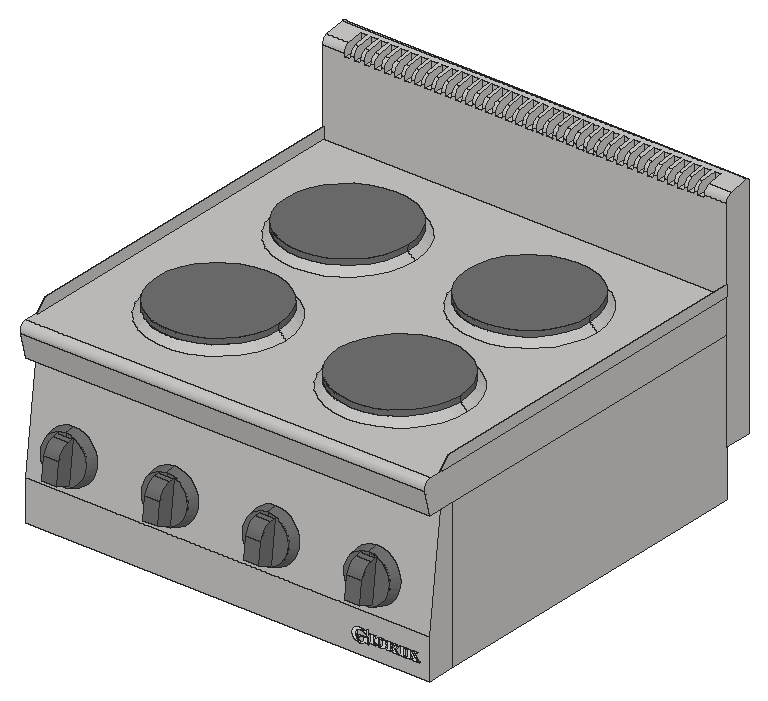
Revit family "QF_GIORIK_LPE6741", category Specialty Equipment, Revit 2014
Parameters (values of type "LPE6741")
  Weight in Pounds = 66.1386
  Watts = 8000 W
  Volts = 230 V
  URL Cutsheet = "www.giorik.com"
  URL = "www.giorik.com"
  Status [instance] = ""
  Specification by User [instance] = ""
  Specification by Manufacturer = ""
  Show Logo [instance] = yes
  Show Clearance [instance] = yes
  Serial Number = ""
  Seismic Rating = ""
  SMACNA No = ""
  Revision Code [instance] = ""
  Phase = 1
  Number of Poles [instance] = 1
  NAFEM Spec ID Number = ""
  Model = "LPE6741"
  Min Ckt Ampacity = 0 A
  Max Overcurrent Protection = 0 A
  Masterspec = ""
  Manufacturer = "GIORIK"
  Item Number [instance] = ""
  Installed By [instance] = ""
  Identify Quantity as Lot [instance] = no
  HP = "10.728160000000"
  Furnished By [instance] = ""
  Foodservice Equipment Identifier [instance] = yes
  FL Amps = 0 A
  Electrical Remarks [instance] = ""
  Electric Connection Type [instance] = ""
  Elec Conn RI Height [instance] = 0 mm
  Elec Conn Connection Height [instance] = 45 mm
  Description = "COOKING TOP 4 PLATES"
  Cycle = 50 Hz
  Conn Plug = ""
  CSI MasterFormat = ""
  Assembly Code = "E1090320"
  Apparent Power = 8000 VA
Reference planes
  plane 1 "Back": y = 0
  plane 2: z = 0
  plane 3 "Left": x = 0
  plane 4 "Right": x = 600
  plane 5 "Front": y = -600
  plane 6 "Top": z = 430
Forms (mm)
  Extrusion 1, solid
    sketch origin (0, 1000, -580) x (0, 1, 0) y (0, 0, 1)
      loop
        line (-1040.007, 869.975) -> (-1589.445, 869.975)
        arc (-1589.445, 869.975) -> (-1598.171, 865.672) -> (-1600.069, 856.13) r 10.999
        line (-1600.069, 856.13) -> (-1590.388, 820) -> (-1040.007, 820) -> (-1040.007, 869.975)
    from 0 to 600
  Extrusion 2, solid
    sketch origin (0, 0, -560) x (0, 1, 0) y (0, 0, 1)
      loop
        line (-570.06, 849.975) -> (-40.007, 849.975) -> (-40.007, 865.387) -> (-554.648, 865.387) -> (-570.06, 849.975)
    from 0 to 1.85
  Extrusion 3, solid
    sketch origin (0, 0, -560) x (0, 1, 0) y (0, 0, 1)
      loop
        line (-40.007, 800) -> (-550, 800) -> (-550, 580) -> (-40.007, 580) -> (-40.007, 800)
    from 0 to 600
  Extrusion 4, solid
    sketch origin (0, 0, -560) x (0, 1, 0) y (0, 0, 1)
      loop
        line (-550, 800) -> (-570.5, 800) -> (-590, 640) -> (-590, 580) -> (-550, 580) -> (-550, 800)
    from 0 to 600
  Extrusion 5, solid
    sketch origin (598.094, 0, -560) x (0, 1, 0) y (0, 0, 1)
      loop
        line (-570.06, 849.975) -> (-40.007, 849.975) -> (-40.007, 865.387) -> (-554.648, 865.387) -> (-570.06, 849.975)
    from -0.15 to 1.906
  Extrusion 6, solid
    sketch origin (0, 0, -560) x (0, 1, 0) y (0, 0, 1)
      loop
        line (-40.007, 974.217) -> (-40.007, 650.827) -> (0, 650.827) -> (0, 988.42)
        arc (0, 988.42) -> (-0.57, 989.648) -> (-1.878, 990) r 1.6
        line (-1.878, 990) -> (-31.072, 984.852)
        arc (-31.072, 984.852) -> (-37.477, 981.162) -> (-40.007, 974.217) r 10.797
    from 0 to 600
  Extrusion 7, solid
    sketch origin (568.319, 0, -561) x (1, 0, 0) y (0, 0, 1)
      loop
        circle (-38.319, 606) r 12.5
    from 20.007 to 40.007
  Extrusion 8, solid, visible <- "Show Logo"
    sketch origin (391.604, -590.5, -6.113) x (-1, 0, 0) y (0, 0, 1)
      loop
        line (-118.824, 58.358) -> (-127.804, 58.358) -> (-125.523, 56.445) -> (-125.523, 48.027) -> (-127.804, 46.113) -> (-118.824, 46.113) -> (-121.105, 48.027) -> (-121.105, 56.445) -> (-118.824, 58.358)
      loop
        line (-163.721, 58.358) -> (-172.7, 58.358) -> (-170.42, 56.445) -> (-170.42, 48.027) -> (-172.7, 46.113) -> (-163.721, 46.113) -> (-166.001, 48.027) -> (-166.001, 56.445) -> (-163.721, 58.358)
      loop
        line (-174.332, 58.358) -> (-183.312, 58.358) -> (-181.031, 56.445) -> (-181.031, 52.435) -> (-186.419, 56.955) -> (-184.416, 58.358) -> (-191.268, 58.358) -> (-188.01, 56.839) -> (-185.455, 54.283) -> (-190.846, 47.858) -> (-193.396, 46.93) -> (-193.396, 46.113) -> (-184.416, 46.113) -> (-185.437, 47.571) -> (-182.443, 51.552) -> (-181.031, 50.894) -> (-181.031, 48.027) -> (-183.312, 46.113) -> (-174.332, 46.113) -> (-176.613, 48.027) -> (-176.613, 56.445) -> (-174.332, 58.358)
      loop
        line (-115.429, 62.063) -> (-115.429, 54.198)
        arc (-115.429, 54.198) -> (-111.618, 57.803) -> (-106.847, 59.986) r 16.039
        arc (-106.847, 59.986) -> (-103.314, 59.837) -> (-100.512, 57.68) r 5.851
        arc (-100.512, 57.68) -> (-98.815, 52.267) -> (-100.512, 46.853) r 9.479
        arc (-100.512, 46.853) -> (-102.406, 44.986) -> (-104.846, 43.93) r 7.236
        arc (-104.846, 43.93) -> (-107.728, 44.111) -> (-110.052, 45.825) r 5.11
        line (-110.052, 45.825) -> (-110.052, 52.001) -> (-116.141, 52.001) -> (-116.141, 45.503) -> (-117.893, 43.751) -> (-114.094, 44.769)
        arc (-114.094, 44.769) -> (-112.56, 44.947) -> (-111.129, 44.366) r 3.115
        arc (-111.129, 44.366) -> (-104.216, 42.091) -> (-97.303, 44.366) r 11.641
        arc (-97.303, 44.366) -> (-93.396, 52.107) -> (-97.303, 59.849) r 9.622
        arc (-97.303, 59.849) -> (-104.369, 62.174) -> (-111.435, 59.849) r 11.898
        line (-111.435, 59.849) -> (-115.429, 62.063)
      loop
        arc (-129.234, 56.068) -> (-135.893, 58.628) -> (-142.552, 56.068) r 9.941
        arc (-142.552, 56.068) -> (-144.234, 52.286) -> (-142.552, 48.505) r 5.093
        arc (-142.552, 48.505) -> (-135.893, 45.945) -> (-129.234, 48.505) r 9.941
        arc (-129.234, 48.505) -> (-127.552, 52.286) -> (-129.234, 56.068) r 5.093
      loop
        arc (-132.628, 54.403) -> (-135.893, 57.668) -> (-139.158, 54.403) r 3.265
        line (-139.158, 54.403) -> (-139.158, 50.169)
        arc (-139.158, 50.169) -> (-135.893, 46.904) -> (-132.628, 50.169) r 3.265
        line (-132.628, 50.169) -> (-132.628, 54.403)
      loop
        arc (-156.363, 58.365) -> (-159.647, 55.081) -> (-156.363, 51.796) r 3.285
        line (-156.363, 51.796) -> (-159.529, 47.306) -> (-162.087, 46.113) -> (-155.847, 46.113) -> (-153.529, 51.083) -> (-150.637, 51.083) -> (-150.637, 47.784) -> (-153.022, 46.113) -> (-144.011, 46.113) -> (-146.094, 47.68) -> (-146.094, 56.493) -> (-144.229, 58.365) -> (-156.363, 58.365)
      loop
        line (-150.637, 57.512) -> (-153.637, 57.512)
        arc (-153.637, 57.512) -> (-156.237, 54.912) -> (-153.637, 52.312) r 2.6
        line (-153.637, 52.312) -> (-150.637, 52.312) -> (-150.637, 57.512)
      loop
        line (-108.924, 52.001) -> (-104.936, 49.005) -> (-100.948, 52.001) -> (-108.924, 52.001)
    from 1.5 to -0.5
  Extrusion 9, void
    sketch origin (17.5, 0, 430) x (0, 1, 0) y (-1, 0, 0)
      loop
        line (-40.007, -25) -> (-9.931, -25) -> (-9.931, -15) -> (-40.007, -15) -> (-40.007, -25)
      loop
        line (-40.007, -40) -> (-9.931, -40) -> (-9.931, -30) -> (-40.007, -30) -> (-40.007, -40)
      loop
        line (-40.007, -55) -> (-9.931, -55) -> (-9.931, -45) -> (-40.007, -45) -> (-40.007, -55)
      loop
        line (-40.007, -70) -> (-9.931, -70) -> (-9.931, -60) -> (-40.007, -60) -> (-40.007, -70)
      loop
        line (-40.007, -85) -> (-9.931, -85) -> (-9.931, -75) -> (-40.007, -75) -> (-40.007, -85)
      loop
        line (-40.007, -100) -> (-9.931, -100) -> (-9.931, -90) -> (-40.007, -90) -> (-40.007, -100)
      loop
        line (-40.007, -115) -> (-9.931, -115) -> (-9.931, -105) -> (-40.007, -105) -> (-40.007, -115)
      loop
        line (-40.007, -130) -> (-9.931, -130) -> (-9.931, -120) -> (-40.007, -120) -> (-40.007, -130)
      loop
        line (-40.007, -145) -> (-9.931, -145) -> (-9.931, -135) -> (-40.007, -135) -> (-40.007, -145)
      loop
        line (-40.007, -160) -> (-9.931, -160) -> (-9.931, -150) -> (-40.007, -150) -> (-40.007, -160)
      loop
        line (-40.007, -175) -> (-9.931, -175) -> (-9.931, -165) -> (-40.007, -165) -> (-40.007, -175)
      loop
        line (-40.007, -190) -> (-9.931, -190) -> (-9.931, -180) -> (-40.007, -180) -> (-40.007, -190)
      loop
        line (-40.007, -205) -> (-9.931, -205) -> (-9.931, -195) -> (-40.007, -195) -> (-40.007, -205)
      loop
        line (-40.007, -220) -> (-9.931, -220) -> (-9.931, -210) -> (-40.007, -210) -> (-40.007, -220)
      loop
        line (-40.007, -235) -> (-9.931, -235) -> (-9.931, -225) -> (-40.007, -225) -> (-40.007, -235)
      loop
        line (-40.007, -250) -> (-9.931, -250) -> (-9.931, -240) -> (-40.007, -240) -> (-40.007, -250)
      loop
        line (-40.007, -265) -> (-9.931, -265) -> (-9.931, -255) -> (-40.007, -255) -> (-40.007, -265)
      loop
        line (-40.007, -280) -> (-9.931, -280) -> (-9.931, -270) -> (-40.007, -270) -> (-40.007, -280)
      loop
        line (-40.007, -295) -> (-9.931, -295) -> (-9.931, -285) -> (-40.007, -285) -> (-40.007, -295)
      loop
        line (-40.007, -310) -> (-9.931, -310) -> (-9.931, -300) -> (-40.007, -300) -> (-40.007, -310)
      loop
        line (-40.007, -325) -> (-9.931, -325) -> (-9.931, -315) -> (-40.007, -315) -> (-40.007, -325)
      loop
        line (-40.007, -340) -> (-9.931, -340) -> (-9.931, -330) -> (-40.007, -330) -> (-40.007, -340)
      loop
        line (-40.007, -355) -> (-9.931, -355) -> (-9.931, -345) -> (-40.007, -345) -> (-40.007, -355)
      loop
        line (-40.007, -370) -> (-9.931, -370) -> (-9.931, -360) -> (-40.007, -360) -> (-40.007, -370)
      loop
        line (-40.007, -385) -> (-9.931, -385) -> (-9.931, -375) -> (-40.007, -375) -> (-40.007, -385)
      loop
        line (-40.007, -400) -> (-9.931, -400) -> (-9.931, -390) -> (-40.007, -390) -> (-40.007, -400)
      loop
        line (-40.007, -415) -> (-9.931, -415) -> (-9.931, -405) -> (-40.007, -405) -> (-40.007, -415)
      loop
        line (-40.007, -430) -> (-9.931, -430) -> (-9.931, -420) -> (-40.007, -420) -> (-40.007, -430)
      loop
        line (-40.007, -445) -> (-9.931, -445) -> (-9.931, -435) -> (-40.007, -435) -> (-40.007, -445)
      loop
        line (-40.007, -460) -> (-9.931, -460) -> (-9.931, -450) -> (-40.007, -450) -> (-40.007, -460)
      loop
        line (-40.007, -475) -> (-9.931, -475) -> (-9.931, -465) -> (-40.007, -465) -> (-40.007, -475)
      loop
        line (-40.007, -490) -> (-9.931, -490) -> (-9.931, -480) -> (-40.007, -480) -> (-40.007, -490)
      loop
        line (-40.007, -505) -> (-9.931, -505) -> (-9.931, -495) -> (-40.007, -495) -> (-40.007, -505)
      loop
        line (-40.007, -520) -> (-9.931, -520) -> (-9.931, -510) -> (-40.007, -510) -> (-40.007, -520)
      loop
        line (-40.007, -535) -> (-9.931, -535) -> (-9.931, -525) -> (-40.007, -525) -> (-40.007, -535)
      loop
        line (-40.007, -550) -> (-9.931, -550) -> (-9.931, -540) -> (-40.007, -540) -> (-40.007, -550)
    from 0 to -20
  Extrusion 10, solid
    sketch origin (566.603, 15.293, -30) x (0, 1, 0) y (-1, 0, 0)
      loop
        circle (-79.293, 516.603) r 5
    from 41.965 to 50
  Revolve 11, solid
    sketch origin (50, 19.943, -600) x (0, 1, 0) y (0, 0, 1)
      loop
        line (-83.943, 611.965) -> (-94.752, 611.965) -> (-97.943, 600) -> (-83.943, 600) -> (-83.943, 611.965)
      axis (-83.943, 611.965) -> (-83.943, 600)
    angle from 0 to 360
  Extrusion 12, solid
    sketch origin (33.397, 15.293, -30) x (0, 1, 0) y (-1, 0, 0)
      loop
        circle (-79.293, -516.603) r 5
    from 41.965 to 50
  Revolve 13, solid
    sketch origin (550, 19.943, -600) x (0, 1, 0) y (0, 0, -1)
      loop
        line (-83.943, -611.965) -> (-83.943, -600) -> (-97.943, -600) -> (-94.752, -611.965) -> (-83.943, -611.965)
      axis (-83.943, -611.965) -> (-83.943, -600)
    angle from 0 to 360
  Extrusion 14, solid
    sketch origin (566.603, -459.707, -30) x (0, 1, 0) y (-1, 0, 0)
      loop
        circle (-79.293, 516.603) r 5
    from 41.965 to 50
  Revolve 15, solid
    sketch origin (50, -455.057, -600) x (0, 1, 0) y (0, 0, 1)
      loop
        line (-83.943, 611.965) -> (-94.752, 611.965) -> (-97.943, 600) -> (-83.943, 600) -> (-83.943, 611.965)
      axis (-83.943, 611.965) -> (-83.943, 600)
    angle from 0 to 360
  Extrusion 16, solid
    sketch origin (33.397, -459.707, -30) x (0, 1, 0) y (-1, 0, 0)
      loop
        circle (-79.293, -516.603) r 5
    from 41.965 to 50
  Revolve 17, solid
    sketch origin (550, -455.057, -600) x (0, 1, 0) y (0, 0, -1)
      loop
        line (-83.943, -611.965) -> (-83.943, -600) -> (-97.943, -600) -> (-94.752, -611.965) -> (-83.943, -611.965)
      axis (-83.943, -611.965) -> (-83.943, -600)
    angle from 0 to 360
  Extrusion 18, solid
    sketch origin (-24.999, 31.516, 284.975) x (0, 1, 0) y (-1, 0, 0)
      loop
        circle (-231.5, -189.999) r 90
    from 23 to 15
  Blend 19, solid
    base sketch origin (719.361, -790.989, 289.975) x (0, 1, 0) y (-1, 0, 0)
      loop
        circle (591.004, 554.361) r 100
    top sketch origin (719.361, -790.989, 319.988) x (0, 1, 0) y (-1, 0, 0)
      loop
        circle (591.004, 554.361) r 90
    from 0 to -20.012
  Extrusion 20, solid
    sketch origin (-24.999, -671.522, 284.975) x (0, -1, 0) y (1, 0, 0)
      loop
        circle (-231.5, 189.999) r 90
    from 23 to 15
  Blend 21, solid
    base sketch origin (719.361, 150.982, 289.975) x (0, -1, 0) y (1, 0, 0)
      loop
        circle (591.004, -554.361) r 100
    top sketch origin (719.361, 150.982, 319.988) x (0, -1, 0) y (1, 0, 0)
      loop
        circle (591.004, -554.361) r 90
    from 0 to -20.012
  Revolve 22, solid
    sketch origin (75.155, -0.544, -560.03) x (0, 1, 0) y (0, 0, 1)
      loop
        line (-598.03, 706.389) -> (-594.27, 737.013) -> (-609.648, 734.852) -> (-613.772, 701.269) -> (-581.482, 697.305) -> (-580.629, 704.252) -> (-598.03, 706.389)
      axis (-581.482, 697.305) -> (-613.772, 701.269)
    angle from 0 to 360
  Extrusion 23, solid
    sketch origin (-87.831, -0.544, -560.03) x (0, 1, 0) y (0, 0, 1)
      loop
        line (-635.843, 711.553) -> (-639.647, 680.575) -> (-617.415, 671.593) -> (-610.135, 730.882) -> (-617.934, 729.786)
        arc (-617.934, 729.786) -> (-629.982, 723.708) -> (-635.843, 711.553) r 20.998
    from 151.831 to 173.831
  Revolve 24, solid
    sketch origin (225.155, -0.544, -560.03) x (0, 1, 0) y (0, 0, 1)
      loop
        line (-598.03, 706.389) -> (-594.27, 737.013) -> (-609.648, 734.852) -> (-613.772, 701.269) -> (-581.482, 697.305) -> (-580.629, 704.252) -> (-598.03, 706.389)
      axis (-581.482, 697.305) -> (-613.772, 701.269)
    angle from 0 to 360
  Extrusion 25, solid
    sketch origin (62.169, -0.544, -560.03) x (0, 1, 0) y (0, 0, 1)
      loop
        line (-635.843, 711.553) -> (-639.647, 680.575) -> (-617.415, 671.593) -> (-610.135, 730.882) -> (-617.934, 729.786)
        arc (-617.934, 729.786) -> (-629.982, 723.708) -> (-635.843, 711.553) r 20.998
    from 151.831 to 173.831
  Revolve 26, solid
    sketch origin (375.155, -0.544, -560.03) x (0, 1, 0) y (0, 0, 1)
      loop
        line (-598.03, 706.389) -> (-594.27, 737.013) -> (-609.648, 734.852) -> (-613.772, 701.269) -> (-581.482, 697.305) -> (-580.629, 704.252) -> (-598.03, 706.389)
      axis (-581.482, 697.305) -> (-613.772, 701.269)
    angle from 0 to 360
  Extrusion 27, solid
    sketch origin (212.169, -0.544, -560.03) x (0, 1, 0) y (0, 0, 1)
      loop
        line (-635.843, 711.553) -> (-639.647, 680.575) -> (-617.415, 671.593) -> (-610.135, 730.882) -> (-617.934, 729.786)
        arc (-617.934, 729.786) -> (-629.982, 723.708) -> (-635.843, 711.553) r 20.998
    from 151.831 to 173.831
  Revolve 28, solid
    sketch origin (525.155, -0.544, -560.03) x (0, 1, 0) y (0, 0, 1)
      loop
        line (-598.03, 706.389) -> (-594.27, 737.013) -> (-609.648, 734.852) -> (-613.772, 701.269) -> (-581.482, 697.305) -> (-580.629, 704.252) -> (-598.03, 706.389)
      axis (-581.482, 697.305) -> (-613.772, 701.269)
    angle from 0 to 360
  Extrusion 29, solid
    sketch origin (362.169, -0.544, -560.03) x (0, 1, 0) y (0, 0, 1)
      loop
        line (-635.843, 711.553) -> (-639.647, 680.575) -> (-617.415, 671.593) -> (-610.135, 730.882) -> (-617.934, 729.786)
        arc (-617.934, 729.786) -> (-629.982, 723.708) -> (-635.843, 711.553) r 20.998
    from 151.831 to 173.831
  Extrusion 30, solid
    sketch origin (245.001, 31.516, 284.975) x (0, 1, 0) y (-1, 0, 0)
      loop
        circle (-231.5, -189.999) r 90
    from 23 to 15
  Blend 31, solid
    base sketch origin (989.361, -790.989, 289.975) x (0, 1, 0) y (-1, 0, 0)
      loop
        circle (591.004, 554.361) r 100
    top sketch origin (989.361, -790.989, 319.988) x (0, 1, 0) y (-1, 0, 0)
      loop
        circle (591.004, 554.361) r 90
    from 0 to -20.012
  Extrusion 32, solid
    sketch origin (245.001, -671.522, 284.975) x (0, -1, 0) y (1, 0, 0)
      loop
        circle (-231.5, 189.999) r 90
    from 23 to 15
  Blend 33, solid
    base sketch origin (989.361, 150.982, 289.975) x (0, -1, 0) y (1, 0, 0)
      loop
        circle (591.004, -554.361) r 100
    top sketch origin (989.361, 150.982, 319.988) x (0, -1, 0) y (1, 0, 0)
      loop
        circle (591.004, -554.361) r 90
    from 0 to -20.012
Cuts and joins
  Extrusion 9 cuts Extrusion 6
Lines and regions (mm)
  symbolic lines, style "200-EquipBorder-2D"
    curve 1: line (600, 0, 0) -> (0, 0, 0)
    curve 2: line (0, 0, 0) -> (0, -600, 0)
    curve 79: line (600, -600, 430) -> (600, 0, 430)
    curve 125: line (600, -600, 430) -> (0, -600, 430)
    curve 126: spline (64, -618.202, 990) -> (60.789, -618.041, 990) -> (57.73, -617.841, 990) -> (54.856, -617.604, 990) -> (52.196, -617.332, 990) -> (49.779, -617.028, 990) -> (47.63, -616.696, 990) -> (45.772, -616.338, 990) -> (44.225, -615.96, 990) -> (43.004, -615.563, 990) -> (42.122, -615.154, 990) -> (41.59, -614.736, 990) -> (41.412, -614.313, 990)
    curve 127: spline (109.073, -614.408, 990) -> (108.819, -614.826, 990) -> (108.218, -615.239, 990) -> (107.275, -615.643, 990) -> (106.001, -616.033, 990) -> (104.408, -616.405, 990) -> (102.513, -616.755, 990) -> (100.336, -617.08, 990) -> (97.898, -617.376, 990) -> (95.227, -617.641, 990) -> (92.348, -617.871, 990) -> (89.293, -618.065, 990) -> (86.091, -618.219, 990)
    curve 128: line (41.412, -614.313, 990) -> (37.459, -600, 990)
    curve 129: line (109.073, -614.408, 990) -> (112.839, -600, 990)
    curve 130: line (64, -640.19, 430) -> (64, -610.679, 430)
    curve 131: line (64, -640.19, 430) -> (86, -640.19, 430)
    curve 132: line (86, -640.19, 430) -> (86, -610.679, 430)
    curve 133: spline (41.412, -614.313, 430) -> (42.564, -613.264, 430) -> (45.941, -612.286, 430) -> (51.314, -611.446, 430) -> (58.316, -610.802, 430) -> (66.47, -610.396, 430) -> (75.22, -610.258, 430) -> (83.97, -610.396, 430) -> (92.124, -610.802, 430) -> (99.126, -611.446, 430) -> (104.499, -612.286, 430) -> (107.877, -613.264, 430) -> (109.029, -614.313, 430)
    curve 134: line (64, -610.679, 430) -> (86, -610.679, 430)
    curve 135: spline (214, -618.202, 990) -> (210.789, -618.041, 990) -> (207.73, -617.841, 990) -> (204.856, -617.604, 990) -> (202.196, -617.332, 990) -> (199.779, -617.028, 990) -> (197.63, -616.696, 990) -> (195.772, -616.338, 990) -> (194.225, -615.96, 990) -> (193.004, -615.563, 990) -> (192.122, -615.154, 990) -> (191.59, -614.736, 990) -> (191.412, -614.313, 990)
    curve 136: spline (259.073, -614.408, 990) -> (258.819, -614.826, 990) -> (258.218, -615.239, 990) -> (257.275, -615.643, 990) -> (256.001, -616.033, 990) -> (254.408, -616.405, 990) -> (252.513, -616.755, 990) -> (250.336, -617.08, 990) -> (247.898, -617.376, 990) -> (245.227, -617.641, 990) -> (242.348, -617.871, 990) -> (239.293, -618.065, 990) -> (236.091, -618.219, 990)
    curve 137: line (191.412, -614.313, 990) -> (187.459, -600, 990)
    curve 138: line (259.073, -614.408, 990) -> (262.839, -600, 990)
    curve 139: line (214, -640.19, 430) -> (214, -610.679, 430)
    curve 140: line (214, -640.19, 430) -> (236, -640.19, 430)
    curve 141: line (236, -640.19, 430) -> (236, -610.679, 430)
    curve 142: spline (191.412, -614.313, 430) -> (192.564, -613.264, 430) -> (195.941, -612.286, 430) -> (201.314, -611.446, 430) -> (208.316, -610.802, 430) -> (216.47, -610.396, 430) -> (225.22, -610.258, 430) -> (233.97, -610.396, 430) -> (242.124, -610.802, 430) -> (249.126, -611.446, 430) -> (254.499, -612.286, 430) -> (257.877, -613.264, 430) -> (259.029, -614.313, 430)
    curve 143: line (214, -610.679, 430) -> (236, -610.679, 430)
    curve 144: spline (364, -618.202, 990) -> (360.789, -618.041, 990) -> (357.73, -617.841, 990) -> (354.856, -617.604, 990) -> (352.196, -617.332, 990) -> (349.779, -617.028, 990) -> (347.63, -616.696, 990) -> (345.772, -616.338, 990) -> (344.225, -615.96, 990) -> (343.004, -615.563, 990) -> (342.122, -615.154, 990) -> (341.59, -614.736, 990) -> (341.412, -614.313, 990)
    curve 145: spline (409.073, -614.408, 990) -> (408.819, -614.826, 990) -> (408.218, -615.239, 990) -> (407.275, -615.643, 990) -> (406.001, -616.033, 990) -> (404.408, -616.405, 990) -> (402.513, -616.755, 990) -> (400.336, -617.08, 990) -> (397.898, -617.376, 990) -> (395.227, -617.641, 990) -> (392.348, -617.871, 990) -> (389.293, -618.065, 990) -> (386.091, -618.219, 990)
    curve 146: line (341.412, -614.313, 990) -> (337.459, -600, 990)
    curve 147: line (409.073, -614.408, 990) -> (412.839, -600, 990)
    curve 148: line (364, -640.19, 430) -> (364, -610.679, 430)
    curve 149: line (364, -640.19, 430) -> (386, -640.19, 430)
    curve 150: line (386, -640.19, 430) -> (386, -610.679, 430)
    curve 151: spline (341.412, -614.313, 430) -> (342.564, -613.264, 430) -> (345.941, -612.286, 430) -> (351.314, -611.446, 430) -> (358.316, -610.802, 430) -> (366.47, -610.396, 430) -> (375.22, -610.258, 430) -> (383.97, -610.396, 430) -> (392.124, -610.802, 430) -> (399.126, -611.446, 430) -> (404.499, -612.286, 430) -> (407.877, -613.264, 430) -> (409.029, -614.313, 430)
    curve 152: line (364, -610.679, 430) -> (386, -610.679, 430)
    curve 153: spline (514, -618.202, 990) -> (510.789, -618.041, 990) -> (507.73, -617.841, 990) -> (504.856, -617.604, 990) -> (502.196, -617.332, 990) -> (499.779, -617.028, 990) -> (497.63, -616.696, 990) -> (495.772, -616.338, 990) -> (494.225, -615.96, 990) -> (493.004, -615.563, 990) -> (492.122, -615.154, 990) -> (491.59, -614.736, 990) -> (491.412, -614.313, 990)
    curve 154: spline (559.073, -614.408, 990) -> (558.819, -614.826, 990) -> (558.218, -615.239, 990) -> (557.275, -615.643, 990) -> (556.001, -616.033, 990) -> (554.408, -616.405, 990) -> (552.513, -616.755, 990) -> (550.336, -617.08, 990) -> (547.898, -617.376, 990) -> (545.227, -617.641, 990) -> (542.348, -617.871, 990) -> (539.293, -618.065, 990) -> (536.091, -618.219, 990)
    curve 155: line (491.412, -614.313, 990) -> (487.459, -600, 990)
    curve 156: line (559.073, -614.408, 990) -> (562.839, -600, 990)
    curve 157: line (514, -640.19, 430) -> (514, -610.679, 430)
    curve 158: line (514, -640.19, 430) -> (536, -640.19, 430)
    curve 159: line (536, -640.19, 430) -> (536, -610.679, 430)
    curve 160: spline (491.412, -614.313, 430) -> (492.564, -613.264, 430) -> (495.941, -612.286, 430) -> (501.314, -611.446, 430) -> (508.316, -610.802, 430) -> (516.47, -610.396, 430) -> (525.22, -610.258, 430) -> (533.97, -610.396, 430) -> (542.124, -610.802, 430) -> (549.126, -611.446, 430) -> (554.499, -612.286, 430) -> (557.877, -613.264, 430) -> (559.029, -614.313, 430)
    curve 161: line (514, -610.679, 430) -> (536, -610.679, 430)
  symbolic lines, style "200-EquipInternal-2D"
    curve 3: line (600, -40.007, 430) -> (0, -40.007, 430)
    curve 4: line (597.944, -570.06, 430) -> (600, -570.06, 430)
    curve 5: line (597.944, -40.007, 430) -> (597.944, -570.06, 430)
    curve 6: line (0, -570.06, 430) -> (1.85, -570.06, 430)
    curve 7: line (1.85, -570.06, 430) -> (1.85, -40.007, 430)
    curve 8: line (32.5, -9.931, 290) -> (32.5, -40.007, 290)
    curve 9: line (42.5, -40.007, 290) -> (42.5, -9.931, 290)
    curve 10: line (47.5, -9.931, 290) -> (47.5, -40.007, 290)
    curve 11: line (57.5, -40.007, 290) -> (57.5, -9.931, 290)
    curve 12: line (62.5, -9.931, 290) -> (62.5, -40.007, 290)
    curve 13: line (72.5, -40.007, 290) -> (72.5, -9.931, 290)
    curve 14: line (92.5, -9.931, 290) -> (92.5, -40.007, 290)
    curve 15: line (102.5, -40.007, 290) -> (102.5, -9.931, 290)
    curve 16: line (107.5, -9.931, 290) -> (107.5, -40.007, 290)
    curve 17: line (117.5, -40.007, 290) -> (117.5, -9.931, 290)
    curve 18: line (147.5, -40.007, 290) -> (147.5, -9.931, 290)
    curve 19: line (137.5, -9.931, 290) -> (137.5, -40.007, 290)
    curve 20: line (162.5, -40.007, 290) -> (162.5, -9.931, 290)
    curve 21: line (167.5, -9.931, 290) -> (167.5, -40.007, 290)
    curve 22: line (177.5, -40.007, 290) -> (177.5, -9.931, 290)
    curve 23: line (152.5, -9.931, 290) -> (152.5, -40.007, 290)
    curve 24: line (207.5, -40.007, 290) -> (207.5, -9.931, 290)
    curve 25: line (197.5, -9.931, 290) -> (197.5, -40.007, 290)
    curve 26: line (212.5, -9.931, 290) -> (212.5, -40.007, 290)
    curve 27: line (222.5, -40.007, 290) -> (222.5, -9.931, 290)
    curve 28: line (227.5, -9.931, 290) -> (227.5, -40.007, 290)
    curve 29: line (237.5, -40.007, 290) -> (237.5, -9.931, 290)
    curve 30: line (257.5, -9.931, 290) -> (257.5, -40.007, 290)
    curve 31: line (267.5, -40.007, 290) -> (267.5, -9.931, 290)
    curve 32: line (272.5, -9.931, 290) -> (272.5, -40.007, 290)
    curve 33: line (282.5, -40.007, 290) -> (282.5, -9.931, 290)
    curve 34: line (287.5, -9.931, 290) -> (287.5, -40.007, 290)
    curve 35: line (297.5, -40.007, 290) -> (297.5, -9.931, 290)
    curve 36: line (327.5, -40.007, 290) -> (327.5, -9.931, 290)
    curve 37: line (317.5, -9.931, 290) -> (317.5, -40.007, 290)
    curve 38: line (342.5, -40.007, 290) -> (342.5, -9.931, 290)
    curve 39: line (332.5, -9.931, 290) -> (332.5, -40.007, 290)
    curve 40: line (347.5, -9.931, 290) -> (347.5, -40.007, 290)
    curve 41: line (357.5, -40.007, 290) -> (357.5, -9.931, 290)
    curve 42: line (377.5, -9.931, 290) -> (377.5, -40.007, 290)
    curve 43: line (387.5, -9.931, 290) -> (377.5, -9.931, 290)
    curve 44: line (357.5, -9.931, 290) -> (347.5, -9.931, 290)
    curve 45: line (342.5, -9.931, 290) -> (332.5, -9.931, 290)
    curve 46: line (327.5, -9.931, 290) -> (317.5, -9.931, 290)
    curve 47: line (282.5, -9.931, 290) -> (272.5, -9.931, 290)
    curve 48: line (117.5, -9.931, 290) -> (107.5, -9.931, 290)
    curve 49: line (102.5, -9.931, 290) -> (92.5, -9.931, 290)
    curve 50: line (72.5, -9.931, 290) -> (62.5, -9.931, 290)
    curve 51: line (42.5, -9.931, 290) -> (32.5, -9.931, 290)
    curve 52: line (147.5, -9.931, 290) -> (137.5, -9.931, 290)
    curve 53: line (162.5, -9.931, 290) -> (152.5, -9.931, 290)
    curve 54: line (177.5, -9.931, 290) -> (167.5, -9.931, 290)
    curve 55: line (207.5, -9.931, 290) -> (197.5, -9.931, 290)
    curve 56: line (222.5, -9.931, 290) -> (212.5, -9.931, 290)
    curve 57: line (237.5, -9.931, 290) -> (227.5, -9.931, 290)
    curve 58: line (267.5, -9.931, 290) -> (257.5, -9.931, 290)
    curve 59: line (57.5, -9.931, 290) -> (47.5, -9.931, 290)
    curve 60: line (77.5, -9.931, 430) -> (77.5, -40.007, 430)
    curve 61: line (87.5, -40.007, 430) -> (87.5, -9.931, 430)
    curve 62: line (87.5, -9.931, 430) -> (77.5, -9.931, 430)
    curve 63: line (122.5, -9.931, 430) -> (122.5, -40.007, 430)
    curve 64: line (132.5, -40.007, 430) -> (132.5, -9.931, 430)
    curve 65: line (132.5, -9.931, 430) -> (122.5, -9.931, 430)
    curve 66: line (182.5, -9.931, 430) -> (182.5, -40.007, 430)
    curve 67: line (192.5, -40.007, 430) -> (192.5, -9.931, 430)
    curve 68: line (192.5, -9.931, 430) -> (182.5, -9.931, 430)
    curve 69: line (242.5, -9.931, 430) -> (242.5, -40.007, 430)
    curve 70: line (252.5, -40.007, 430) -> (252.5, -9.931, 430)
    curve 71: line (252.5, -9.931, 430) -> (242.5, -9.931, 430)
    curve 72: line (297.5, -9.931, 430) -> (287.5, -9.931, 430)
    curve 73: line (312.5, -9.931, 430) -> (302.5, -9.931, 430)
    curve 74: line (302.5, -9.931, 430) -> (302.5, -40.007, 430)
    curve 75: line (312.5, -40.007, 430) -> (312.5, -9.931, 430)
    curve 76: line (362.5, -9.931, 430) -> (362.5, -40.007, 430)
    curve 77: line (372.5, -40.007, 430) -> (372.5, -9.931, 430)
    curve 78: line (372.5, -9.931, 430) -> (362.5, -9.931, 430)
    curve 80: circle (165, -199.984, 290) r 90 normal (0, 0, 1)
    curve 81: circle (165, -199.984, 290) r 100 normal (0, 0, 1)
    curve 82: circle (165, -440.022, 290) r 90 normal (0, 0, 1)
    curve 83: circle (165, -440.022, 290) r 100 normal (0, 0, 1)
    curve 84: circle (435, -199.984, 290) r 90 normal (0, 0, 1)
    curve 85: circle (435, -199.984, 290) r 100 normal (0, 0, 1)
    curve 86: circle (435, -440.022, 290) r 90 normal (0, 0, 1)
    curve 87: circle (435, -440.022, 290) r 100 normal (0, 0, 1)
    curve 88: line (387.5, -40.007, 430) -> (387.5, -9.931, 430)
    curve 89: line (392.5, -9.931, 430) -> (392.5, -40.007, 430)
    curve 90: line (402.5, -40.007, 430) -> (402.5, -9.931, 430)
    curve 91: line (402.5, -9.931, 430) -> (392.5, -9.931, 430)
    curve 92: line (407.5, -9.931, 430) -> (407.5, -40.007, 430)
    curve 93: line (417.5, -9.931, 430) -> (407.5, -9.931, 430)
    curve 94: line (417.5, -40.007, 430) -> (417.5, -9.931, 430)
    curve 95: line (422.5, -9.931, 430) -> (422.5, -40.007, 430)
    curve 96: line (432.5, -9.931, 430) -> (422.5, -9.931, 430)
    curve 97: line (432.5, -40.007, 430) -> (432.5, -9.931, 430)
    curve 98: line (437.5, -9.931, 430) -> (437.5, -40.007, 430)
    curve 99: line (447.5, -9.931, 430) -> (437.5, -9.931, 430)
    curve 100: line (447.5, -40.007, 430) -> (447.5, -9.931, 430)
    curve 101: line (452.5, -9.931, 430) -> (452.5, -40.007, 430)
    curve 102: line (462.5, -9.931, 430) -> (452.5, -9.931, 430)
    curve 103: line (462.5, -40.007, 430) -> (462.5, -9.931, 430)
    curve 104: line (467.5, -9.931, 430) -> (467.5, -40.007, 430)
    curve 105: line (477.5, -9.931, 430) -> (467.5, -9.931, 430)
    curve 106: line (477.5, -40.007, 430) -> (477.5, -9.931, 430)
    curve 107: line (482.5, -9.931, 430) -> (482.5, -40.007, 430)
    curve 108: line (492.5, -9.931, 430) -> (482.5, -9.931, 430)
    curve 109: line (492.5, -40.007, 430) -> (492.5, -9.931, 430)
    curve 110: line (497.5, -9.931, 430) -> (497.5, -40.007, 430)
    curve 111: line (507.5, -9.931, 430) -> (497.5, -9.931, 430)
    curve 112: line (507.5, -40.007, 430) -> (507.5, -9.931, 430)
    curve 113: line (512.5, -9.931, 430) -> (512.5, -40.007, 430)
    curve 114: line (522.5, -9.931, 430) -> (512.5, -9.931, 430)
    curve 115: line (522.5, -40.007, 430) -> (522.5, -9.931, 430)
    curve 116: line (527.5, -9.931, 430) -> (527.5, -40.007, 430)
    curve 117: line (537.5, -9.931, 430) -> (527.5, -9.931, 430)
    curve 118: line (537.5, -40.007, 430) -> (537.5, -9.931, 430)
    curve 119: line (542.5, -9.931, 430) -> (542.5, -40.007, 430)
    curve 120: line (552.5, -9.931, 430) -> (542.5, -9.931, 430)
    curve 121: line (552.5, -40.007, 430) -> (552.5, -9.931, 430)
    curve 122: line (557.5, -9.931, 430) -> (557.5, -40.007, 430)
    curve 123: line (567.5, -9.931, 430) -> (557.5, -9.931, 430)
    curve 124: line (567.5, -40.007, 430) -> (567.5, -9.931, 430)
Dimensions and locks
  plane 3 "Left" to plane 4 "Right" = 600 mm
  plane 5 "Front" to plane 1 "Back" = 600 mm
  plane 4 "Right" to plane 3 "Left" = 600 mm
  plane 1 "Back" to plane 5 "Front" = 600 mm
  plane 6 "Top" to level = 430 mm  (x2)
  aligned and locked: level to plane 2
Connectors
  electrical at (530, -20.007, 45), driven by "Apparent Power", driven by "Volts", driven by "Number of Poles"
    settings: on Extrusion 7, index 1, voltage 230 V, apparent load 0 VA, apparent load phase1 8000 VA, apparent load phase2 0 VA, apparent load phase3 0 VA, power factor 1, load classification "Other", number of poles 1, system type 31, power factor state 1, is connector primary yes, connector utility no, sub classification motor no, connector description "Electrical connection"
